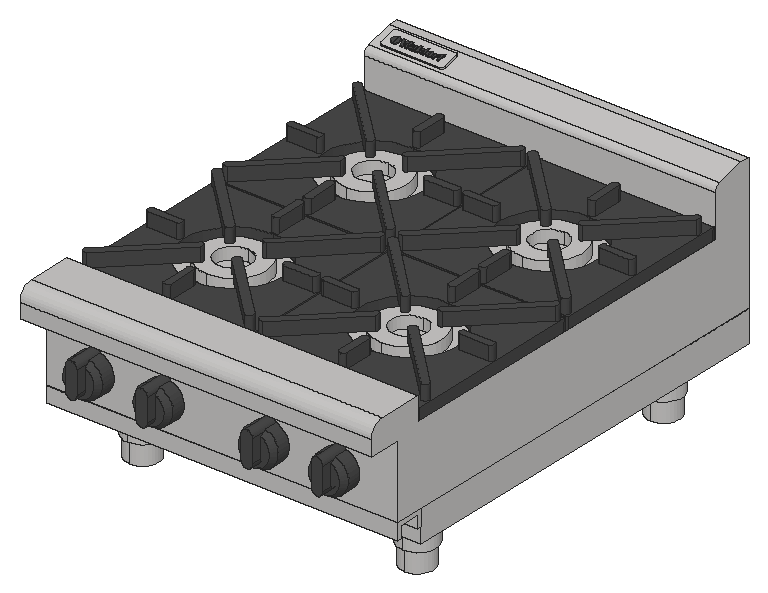
Revit family "QF_MOFFAT WALDORF_RNL8400G-B", category Specialty Equipment, Revit 2012 (continued)
Automatic sketch dimensions
  Revolve 12 sketch curve to level = 0 mm
  level to Revolve 12 sketch curve = 35 mm
  Revolve 12 sketch curve to plane 5 "FRONT" = 148.25 mm
  Revolve 12 sketch curve to Revolve 12 sketch curve = 4.25 mm
  Revolve 12 sketch curve to Revolve 12 sketch curve = 27.5 mm  (x2)
  Revolve 12 sketch curve to Revolve 12 sketch curve = 55 mm
  Revolve 12 sketch curve to Revolve 12 sketch curve = 15 mm
  Revolve 12 sketch curve to Revolve 12 sketch curve = 35 mm
  Revolve 13 sketch curve to plane 5 "FRONT" = 56 mm
  Revolve 13 sketch curve to Revolve 13 sketch curve = 10 mm
  Revolve 13 sketch curve to Revolve 13 sketch curve = 21.3 mm
  Revolve 13 sketch curve to plane 5 "FRONT" = 23 mm
  Revolve 13 sketch curve to plane 5 "FRONT" = 12 mm
  Revolve 13 sketch curve to Revolve 13 sketch curve = 0 mm  (x2)
  level to Revolve 13 sketch curve = 197.105 mm
  Revolve 13 sketch curve to Revolve 13 sketch curve = 5 mm
  Revolve 13 sketch curve to Revolve 13 sketch curve = 26.651 mm
  Revolve 13 sketch curve to Revolve 13 sketch curve = 5.849 mm
  plane 11 to Extrusion 14 sketch curve = 35 mm
  Extrusion 14 sketch curve to Extrusion 14 sketch curve = 10 mm
  level to Extrusion 14 sketch curve = 185.003 mm
  Extrusion 14 sketch curve to Extrusion 14 sketch curve = 38.997 mm
  Revolve 15 sketch curve to plane 5 "FRONT" = 12 mm
  Revolve 15 sketch curve to Revolve 15 sketch curve = 0 mm  (x2)
  Revolve 15 sketch curve to Revolve 15 sketch curve = 11 mm
  Revolve 15 sketch curve to Revolve 15 sketch curve = 12.7 mm
  Revolve 15 sketch curve to Revolve 15 sketch curve = 23 mm
  Revolve 15 sketch curve to Revolve 15 sketch curve = 10 mm
  level to Revolve 15 sketch curve = 229.373 mm
  Revolve 15 sketch curve to Revolve 15 sketch curve = 5.849 mm
  Revolve 15 sketch curve to Revolve 15 sketch curve = 27.5 mm
  Revolve 15 sketch curve to Revolve 15 sketch curve = 5 mm
  plane 7 "Center Y" to Extrusion 16 sketch curve = 100 mm
  Extrusion 16 sketch curve to Extrusion 16 sketch curve = 10 mm
  level to Extrusion 16 sketch curve = 224 mm
  Extrusion 16 sketch curve to Extrusion 16 sketch curve = 39 mm
  Extrusion 1 sketch curve to plane 5 "FRONT" = 0 mm
  Extrusion 1 sketch curve to plane 12 "Base Height" = 0 mm
  Extrusion 1 sketch curve to plane 6 "TOP" = 0 mm
  Extrusion 1 sketch curve to plane 1 "BACK" = 0 mm  (x2)
  Extrusion 1 sketch curve to plane 5 "FRONT" = 24 mm
  Extrusion 1 sketch curve to plane 5 "FRONT" = 56 mm
  Extrusion 1 sketch curve to Extrusion 1 sketch curve = 0 mm
  Extrusion 1 sketch curve to Extrusion 1 sketch curve = 6.4 mm  (x3)
  Extrusion 1 sketch curve to Extrusion 1 sketch curve = 36.2 mm
  Extrusion 1 sketch curve to Extrusion 1 sketch curve = 44 mm
  Extrusion 1 sketch curve to Extrusion 1 sketch curve = 1 mm
  plane 1 "BACK" to Extrusion 1 sketch curve = 70 mm
  Extrusion 1 sketch curve to plane 6 "TOP" = 11.952 mm
  Extrusion 1 sketch curve to Extrusion 1 sketch curve = 8.894 mm
  Extrusion 1 sketch curve to Extrusion 1 sketch curve = 3.106 mm
  plane 1 "BACK" to Extrusion 1 sketch curve = 16.5 mm
  plane 12 "Base Height" to Extrusion 1 sketch curve = 27.019 mm  (x2)
  Extrusion 1 sketch curve to Extrusion 1 sketch curve = 20.787 mm
  Extrusion 1 sketch curve to Extrusion 1 sketch curve = 54.206 mm
  Extrusion 1 sketch curve to Extrusion 1 sketch curve = 0.794 mm
  Extrusion 1 sketch curve to plane 6 "TOP" = 104 mm
  Extrusion 1 sketch curve to Extrusion 1 sketch curve = 9 mm
  Extrusion 1 sketch curve to Extrusion 1 sketch curve = 25 mm
  Split face 1 sketch curve to Extrusion 1 = 6.593 mm
  Split face 2 sketch curve to Extrusion 1 = 6.593 mm
  Split face 3 sketch curve to Extrusion 1 = 6.593 mm
  Split face 4 sketch curve to Extrusion 1 = 6.593 mm
  Split face 5 sketch curve to Extrusion 1 = 6.593 mm
  Split face 6 sketch curve to Extrusion 1 = 6.593 mm
  Split face 7 sketch curve to Extrusion 1 = 6.593 mm
  Split face 8 sketch curve to Extrusion 1 = 6.593 mm
  Split face 9 sketch curve to Extrusion 1 = 6.593 mm
  Split face 10 sketch curve to Extrusion 1 = 6.593 mm
  Split face 11 sketch curve to Extrusion 1 = 6.593 mm
  Split face 12 sketch curve to Extrusion 1 = 6.593 mm
  Split face 13 sketch curve to Extrusion 1 = 6.593 mm
  curve 16 to curve 19 = 0 mm
  curve 16 to curve 17 = 60.449 mm
  curve 17 to curve 15 = 0 mm
  curve 18 to curve 12 = 31.449 mm
  curve 13 to curve 97 = 60.449 mm
  curve 100 to curve 37 = 31.449 mm
  curve 101 to curve 39 = 31.449 mm
  curve 100 to curve 36 = 25.551 mm
  curve 39 to curve 101 = 25.551 mm
  curve 41 to curve 101 = 25.551 mm
  curve 101 to curve 35 = 0 mm
  curve 35 to curve 100 = 34.898 mm
  curve 100 to curve 37 = 25.551 mm
  curve 37 to curve 101 = 31.449 mm
  curve 100 to curve 40 = 34.898 mm
  curve 103 to curve 32 = 25.551 mm
  curve 32 to curve 102 = 31.449 mm
  curve 103 to curve 34 = 0 mm
  curve 102 to curve 30 = 31.449 mm
  curve 103 to curve 32 = 31.449 mm
  curve 34 to curve 103 = 34.898 mm
  curve 103 to curve 33 = 25.551 mm
  curve 28 to curve 103 = 25.551 mm
  curve 30 to curve 102 = 25.551 mm
  curve 103 to curve 29 = 34.898 mm
  curve 99 to curve 19 = 0 mm
  curve 99 to curve 23 = 31.449 mm
  curve 98 to curve 21 = 31.449 mm
  curve 99 to curve 23 = 25.551 mm
  curve 20 to curve 98 = 25.551 mm
  curve 21 to curve 98 = 25.551 mm
  curve 26 to curve 98 = 0 mm
  curve 26 to curve 98 = 34.898 mm
  curve 98 to curve 24 = 25.551 mm
  curve 23 to curve 99 = 31.449 mm
  curve 99 to curve 19 = 34.898 mm
  curve 18 to curve 104 = 0 mm  (x2)
  curve 16 to curve 104 = 7.816 mm
  curve 100 to curve 106 = 0 mm  (x2)
  curve 35 to curve 106 = 7.816 mm
  curve 102 to curve 108 = 0 mm  (x2)
  curve 34 to curve 109 = 7.816 mm
  curve 98 to curve 110 = 0 mm  (x2)
  curve 26 to curve 111 = 7.816 mm
  Extrusion 17 sketch curve to Extrusion 17 sketch curve = 0 mm  (x38)
  Extrusion 1 to Extrusion 17 sketch curve = 110.5 mm
  Extrusion 17 sketch curve to Extrusion 17 sketch curve = 27 mm  (x3)
  Extrusion 17 sketch curve to Extrusion 17 sketch curve = 30 mm  (x3)
  Extrusion 1 to Extrusion 17 sketch curve = 167.5 mm
  Extrusion 17 sketch curve to Extrusion 17 sketch curve = 186 mm
  Extrusion 17 sketch curve to Extrusion 1 = 224.5 mm
  Extrusion 1 to Extrusion 17 sketch curve = 150 mm  (x4)
  curve 18 to curve 112 = 0 mm  (x2)
  curve 113 to curve 18 = 30 mm
  curve 100 to curve 114 = 0 mm  (x2)
  curve 100 to curve 114 = 27 mm
  curve 102 to curve 116 = 0 mm  (x2)
  curve 102 to curve 116 = 27 mm
  curve 98 to curve 118 = 0 mm  (x2)
  curve 98 to curve 118 = 27 mm
  radius of curve 18 = 57 mm
  radius of Extrusion 6 sketch curve = 13.5 mm
  radius of Extrusion 9 sketch curve = 84.082 mm  (x4)
  radius of Extrusion 17 sketch curve = 57 mm
  radius of Extrusion 17 sketch curve = 30 mm
Nested families
  nested 1: "WALDORF LOGO_FACE BASE" at (12.64, -21.815, 368.576) x (1, 0, 0) z (0, -0.2588, 0.9659), visible <- "Show Logo", type "WALDORF LOGO_FACE BASE", detail levels medium+fine
    with Show Logo yes
Connectors
  piping at (470.688, -32, 55)
    settings: on Extrusion 6, index 1, connector radius 0.37402", flow factor 0, pipe flow 0 GPM, pressure drop 0.00 psi, fitting loss kfactor 0, connector angle 0.00°, fixture units 0, engagement length 0 mm, flow configuration 1, flow direction 1, fitting loss method 0, system type 7, joint type 0, gender type 0, connector reference index -1, connector utility 0, adjustable connector no, is connector primary yes, fitting loss table "", connector description "GAS CONNECTION"
Definition of nested family "WALDORF LOGO_FACE BASE"
  Parameters (values of type "WALDORF LOGO_FACE BASE")
    Show Logo [instance] = yes
    Default Elevation = 1219.2 mm
  Reference planes
    plane 1 "Center (Front/Back)": y = 0
    plane 2: z = 0
    plane 3 "Center (Left/Right)": x = 0
  Forms (mm)
    Extrusion 1, solid
      sketch origin (0, 0, 0) x (1, 0, 0) y (0, 1, 0)
        loop
          line (-1219.2, 1219.2) -> (-1219.2, -1219.2) -> (1219.2, -1219.2) -> (1219.2, 1219.2) -> (-1219.2, 1219.2)
      from 0 to -304.8
    Extrusion 2, solid, material "QF_Finishes_Stainless Steel", visible <- "Show Logo"
      sketch origin (0, -33.217, 0) x (1, 0, 0) y (0, 1, 0)
        loop
          arc (5, 34.14) -> (1.464, 32.676) -> (0, 29.14) r 5
          line (0, 29.14) -> (0, 5)
          arc (0, 5) -> (1.464, 1.464) -> (5, 0) r 5
          line (5, 0) -> (104, 0)
          arc (104, 0) -> (107.536, 1.464) -> (109, 5) r 5
          line (109, 5) -> (109, 29.14)
          arc (109, 29.14) -> (107.536, 32.676) -> (104, 34.14) r 5
          line (104, 34.14) -> (5, 34.14)
      from 0 to 1.588
    Extrusion 3, solid, material "QF_Finishes_Black", visible <- "Show Logo"
      sketch origin (0, -33.217, 1.588) x (1, 0, 0) y (0, 1, 0)
        loop
          line (24.772, 23.214) -> (27.992, 10.301) -> (31.551, 10.301) -> (33.443, 17.364) -> (35.205, 10.301) -> (39.332, 10.301) -> (42.077, 23.214) -> (38.352, 23.214) -> (36.676, 15.33) -> (35, 23.214) -> (31.752, 23.214) -> (30.076, 15.33) -> (28.4, 23.214) -> (24.772, 23.214)
        loop
          line (42.272, 17.055) -> (45.703, 17.055)
          spline (45.703, 17.055) -> (45.741, 17.285) -> (45.852, 17.499) -> (46.028, 17.682) -> (46.258, 17.823) -> (46.526, 17.912) -> (46.813, 17.942) -> (47.1, 17.912) -> (47.368, 17.823) -> (47.597, 17.682) -> (47.774, 17.499) -> (47.884, 17.285) -> (47.922, 17.055)
          line (47.922, 17.055) -> (47.922, 16.222)
          arc (47.922, 16.222) -> (45.742, 16.014) -> (43.665, 15.317) r 9.604
          arc (43.665, 15.317) -> (41.924, 12.809) -> (43.665, 10.301) r 2.677
          arc (43.665, 10.301) -> (45.527, 10.353) -> (47.332, 10.816) r 8.365
          line (47.332, 10.816) -> (48.092, 11.105) -> (48.092, 10.301) -> (51.817, 10.301) -> (51.817, 17.055)
          spline (51.817, 17.055) -> (51.654, 17.821) -> (51.178, 18.535) -> (50.419, 19.148) -> (49.431, 19.619) -> (48.28, 19.914) -> (47.044, 20.015) -> (45.809, 19.914) -> (44.658, 19.619) -> (43.67, 19.148) -> (42.911, 18.535) -> (42.434, 17.821) -> (42.272, 17.055)
        loop
          line (53.151, 23.214) -> (53.151, 10.301) -> (57.37, 10.301) -> (57.37, 23.214) -> (53.151, 23.214)
        loop
          line (64.874, 23.214) -> (64.874, 18.857)
          arc (64.874, 18.857) -> (58.083, 15.11) -> (64.874, 11.363) r 4.429
          line (64.874, 11.363) -> (64.874, 10.301) -> (68.378, 10.301) -> (68.378, 23.214) -> (64.874, 23.214)
        loop
          arc (64.874, 16.083) -> (61.41, 14.987) -> (64.874, 13.891) r 1.905
          line (64.874, 13.891) -> (64.874, 16.083)
        loop
          circle (74.623, 15.223) r 5
        loop
          spline (74.623, 17.856) -> (74.355, 17.766) -> (74.105, 17.503) -> (73.891, 17.084) -> (73.726, 16.539) -> (73.623, 15.904) -> (73.588, 15.223) -> (73.623, 14.541) -> (73.726, 13.906) -> (73.891, 13.361) -> (74.105, 12.942) -> (74.355, 12.679) -> (74.623, 12.59)
          spline (74.623, 12.59) -> (74.891, 12.679) -> (75.141, 12.942) -> (75.355, 13.361) -> (75.52, 13.906) -> (75.623, 14.541) -> (75.659, 15.223) -> (75.623, 15.904) -> (75.52, 16.539) -> (75.355, 17.084) -> (75.141, 17.503) -> (74.891, 17.766) -> (74.623, 17.856)
        loop
          line (81.255, 19.813) -> (81.255, 10.301) -> (84.834, 10.301) -> (84.834, 14.176)
          arc (84.834, 14.176) -> (85.854, 16.093) -> (88.013, 16.32) r 2.313
          line (88.013, 16.32) -> (88.013, 19.813) -> (87.161, 19.813)
          arc (87.161, 19.813) -> (85.526, 19.266) -> (84.549, 17.844) r 2.717
          line (84.549, 17.844) -> (84.549, 19.813) -> (81.255, 19.813)
        loop
          line (90.249, 19.813) -> (88.91, 19.813) -> (88.91, 17.614) -> (90.249, 17.614) -> (90.249, 10.301) -> (93.998, 10.301) -> (93.998, 17.614) -> (95.418, 17.614) -> (95.418, 19.813) -> (93.998, 19.813)
          arc (93.998, 19.813) -> (94.414, 20.817) -> (95.418, 21.233) r 1.42
          line (95.418, 21.233) -> (95.418, 23.602) -> (93.317, 23.602)
          arc (93.317, 23.602) -> (91.343, 22.903) -> (90.249, 21.118) r 3.137
          line (90.249, 21.118) -> (90.249, 19.813)
        loop
          arc (15.241, 23.571) -> (8.392, 16.525) -> (15.241, 9.479) r 7.049
          line (15.241, 9.479) -> (15.241, 23.571)
        loop
          line (15.641, 23.571) -> (15.641, 9.479)
          arc (15.641, 9.479) -> (22.49, 16.525) -> (15.641, 23.571) r 7.049
        loop
          arc (47.922, 14.711) -> (46.266, 13.749) -> (47.922, 12.787) r 1.107
          line (47.922, 12.787) -> (47.922, 14.711)
      from 0 to 0.2
  Dimensions and locks
    aligned and locked: plane 2 to Extrusion 1
    aligned and locked: level to Extrusion 1
